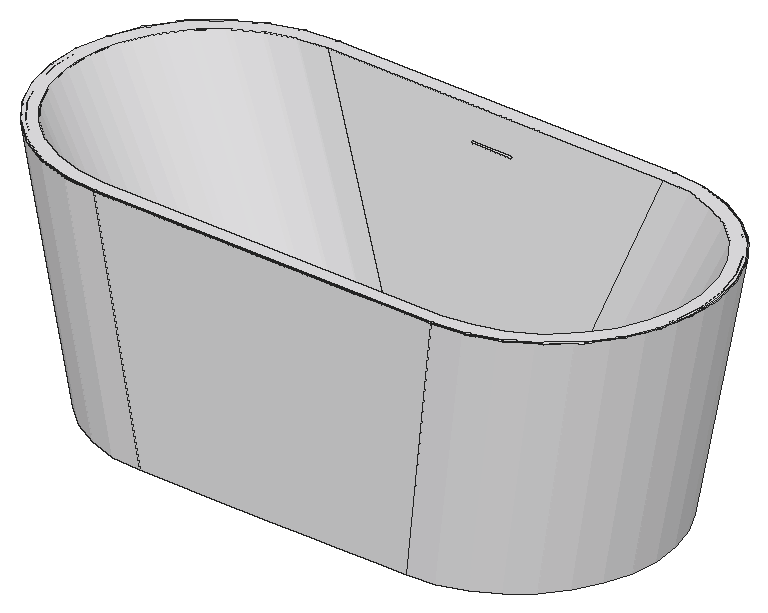
Revit family "Bath-Freestanding-KOHLER-EVOK-K-25166T_1", category Plumbing Fixtures, host Face, Revit 2022
Family settings
  Host = Face
  Round Connector Dimension = Use Diameter
  Part Type = Normal
  OmniClass Number = 23.31.15.00
  OmniClass Title = Bathtubs
  Cut with Voids When Loaded = No
  Maintain Annotation Orientation = No
  Shared = No
  Room Calculation Point = No
Parameters (values of type "White Apron, 0-White")
  Width = 62 15/16"  # constant formula
  WaterSense Certified = 1 = 0  # no
  Waste Water Outlet = "Waste Water Outlet"  # constant formula
  Waste Connection = 1 = 1  # yes
  Vent Connection = 1 = 0  # no
  URL = "http://www.kohler.com.cn/"
  Type = 1
  Secondary Finish = KOHLER-Acrylic-0-White
  Product Page URL = "https://www.kohler.com.cn/product/K-25166T-0/K-25166T-0/"
  Product Name = "EVOK"  # constant formula
  Product Documentation Link = "https://files.kohler.com.cn/pdfs/1586770487974_191025_RI_K-25166T_final.pdf"
  Pressure = 0.00 psi
  Model = if(Type = 1, "K-25166T-0", if(Type = 2, "K-25166T-P5-0", if(Type = 3, "K-25166T-P8-0", "NA")))  # "K-25166T-0"
  Material = "Acrylic"  # constant formula
  Master Format 2014 Name = "Residential Bathtubs"  # constant formula
  Master Format 2014 = "22 41 19"  # constant formula
  Manufacturer Address = "Kohler Beijing Office (100016) 36-2-03-B, No. 88, Liuxiang Road, Beijing"  # constant formula
  Manufacturer = "Kohler Co."  # constant formula
  Length = 29 33/64"  # constant formula
  Hot Water Inlet = "Hot Water Inlet"  # constant formula
  Height = 24 27/128"  # constant formula
  HW Connection = 1 = 0  # no
  Flow Rate = 0 GPM
  Finish = KOHLER-Acrylic-0-White
  Environmental Product Declaration = ""
  Drain Included = 1 = 1  # yes
  Description = if(Type = 1, "Ive 2.0 Oval 1.6m Seamless Freestanding Acrylic Bathtub (with Drain)", if(Type = 2, "Ive 2.0 Oval 1.6m Seamless Freestanding Acrylic Bathtub Black Skirt (with Drain)", if(Type = 3, "Ive 2.0 Oval 1.6m Seamless Freestanding Acrylic Bathtub Peacock Blue Skirt (with Drainage)", "NA")))  # "Ive 2.0 Oval 1.6m Seamless Freestanding Acrylic Bathtub (with Drain)"
  Default Elevation = 0"
  Declare Label = ""
  Date Modified = "04/08/2022"  # constant formula
  Date Created = "02/23/2022"  # constant formula
  Copyright = "Copyright Kohler Co."  # constant formula
  Contact Us = "http://www.kohler.com.cn/contact/contact-us/"
  Cold Water Inlet = "Cold Water Inlet"  # constant formula
  CW Connection = 1 = 0  # no
  Assembly Code = "D2010500"
  ADA Compliant = 1 = 0  # no
Types (4): name | Type | Secondary Finish | Product Page URL | Model | Description
  (no name) | 1 | KOHLER-Acrylic-0-White | "https://www.kohler.com.cn/product/K-25166T-0/K-25166T-0/" | "K-25166T-0" | "Ive 2.0 Oval 1.6m Seamless Freestanding Acrylic Bathtub (with Drain)"
  White Apron, 0-White | 1 | KOHLER-Acrylic-0-White | "https://www.kohler.com.cn/product/K-25166T-0/K-25166T-0/" | "K-25166T-0" | "Ive 2.0 Oval 1.6m Seamless Freestanding Acrylic Bathtub (with Drain)"
  Black Apron, 0-White | 2 | KOHLER-Acrylic-P5-Iron_Black | "https://www.kohler.com.cn/product/K-25166T-P5-0/K-25166T-P5-0/" | "K-25166T-P5-0" | "Ive 2.0 Oval 1.6m Seamless Freestanding Acrylic Bathtub Black Skirt (with Drain)"
  Peacock Apron, 0-White | 3 | KOHLER-Acrylic-P8-Peacock | "https://www.kohler.com.cn/product/K-25166T-P8-0/K-25166T-P8-0/" | "K-25166T-P8-0" | "Ive 2.0 Oval 1.6m Seamless Freestanding Acrylic Bathtub Peacock Blue Skirt (with Drainage)"
Reference planes (in)
  plane 1 "Center (Front/Back)": y = 0
  plane 2: z = 0
  plane 3 "Center (Left/Right)": x = 0
  plane 4: y = 14.75775
  plane 5: z = 24.21094
  plane 6: z = 0.19353
  plane 7: x = -31.4685
  plane 8: x = -26.58268
  plane 9: x = -20.19882
  plane 10: y = 11.10433
  plane 11: x = -30.45226
  plane 12: y = 13.56496
  plane 13: y = 13.742
  plane 14: z = 3.08487
  plane 15: y = -14.75787
  plane 16: y = -11.10433
  plane 17: y = -13.56496
  plane 18: y = -13.74225
  plane 19: x = 31.469
  plane 20: x = 26.58268
  plane 21: x = 20.19882
  plane 22: x = 30.45325
Dimensions and locks (in)
  "Width": plane 7 to plane 19
  "Length": plane 4 to plane 15
  plane 7 to plane 3 "Center (Left/Right)" = 31.4685"
  plane 22 to plane 19 = 1.01575"
  plane 4 to plane 13 = 1.01575"
  plane 15 to plane 1 "Center (Front/Back)" = 14.75787"
  plane 9 to plane 21 = 40.39764"
  plane 11 to plane 22 = 60.90551"
  plane 10 to plane 16 = 22.20866"
  plane 18 to plane 13 = 27.48425"
  "Height": plane 5 to level
  plane 5 to plane 6 = 24.01741"
  plane 8 to plane 20 = 53.16535"
  plane 12 to plane 17 = 27.12992"
  aligned and locked: plane 2 to host face
  aligned and locked: level to host face
  aligned and locked: plane 3 "Center (Left/Right)" to nested 1
  aligned and locked: plane 1 "Center (Front/Back)" to nested 1
Automatic sketch dimensions
  host sketch curve to host sketch curve = 96"  (x2)
Nested families (in)
  nested 1: "K-25166T" at (0, 0, 0), type "K-25166T"
Connectors (in)
  piping at (0, 0, 3.08487), diameter 1.19922, driven by "Waste Connection", driven by "Waste Water Outlet"
    settings: on nested 1, index 1, connector inside diameter 24", connector length 0", flow factor 0, pipe flow 0 GPM, pressure drop 0.00 psi, fitting loss kfactor 0, connector angle 0.00°, fixture units 0, engagement length 0", angle of deflection 0.00°, flow configuration 0, flow direction 2, fitting loss method 0, system type 16, joint type 0, gender type 0, connector reference index -1, connector utility 1, adjustable connector no, is connector primary yes, connector description "Waste Water Outlet"
Definition of nested family "K-25166T"
  Parameters
    Sec Material = none
    Material = none
    Default Elevation = 0"
  Reference planes (in)
    plane 1 "Center (Front/Back)": y = 0
    plane 2: z = 0
    plane 3 "Center (Left/Right)": x = 0
    plane 4: z = 24.2126
    plane 5: z = 0.19685
    plane 6: z = 3.08487
    plane 7: y = 14.75787
    plane 8: y = 13.74213
    plane 9: y = 11.10433
    plane 10: x = -31.4685
    plane 11: x = -30.45276
    plane 12: x = -20.19882
    plane 13: y = -14.75787
    plane 14: y = -13.74213
    plane 15: y = -11.10433
    plane 16: x = 31.4685
    plane 17: x = 30.45276
    plane 18: x = 20.19882
    plane 19: x = -26.58268
    plane 20: x = 26.58268
    plane 21: y = 13.56496
    plane 22: y = -13.56496
  Forms (in)
    Blend 1, solid, material <- "Material", detail levels medium+fine
      base sketch origin (0.12683, 0, 0) x (1, 0, 0) y (0, 1, 0)
        loop
          line (-13.21222, -13.38901) -> (12.94797, -13.38901)
          arc (12.94797, -13.38901) -> (26.3392, 0) -> (12.94797, 13.38901) r 13.38901
          line (12.94797, 13.38901) -> (-13.21222, 13.38901)
          arc (-13.21222, 13.38901) -> (-26.59287, 0) -> (-13.21222, -13.38901) r 13.38901
      top sketch origin (0.12683, 0, 0) x (1, 0, 0) y (0, 1, 0)
        loop
          arc (-16.61204, 14.57) -> (-31.18204, 0) -> (-16.61204, -14.57) r 14.57
          line (-16.61204, -14.57) -> (16.35837, -14.57)
          arc (16.35837, -14.57) -> (30.92838, 0) -> (16.35837, 14.57) r 14.57
          line (16.35837, 14.57) -> (-16.61204, 14.57)
      from 0.19685 to 24.03581
    Sweep 2, solid, material <- "Material", detail levels medium+fine
      path origin (0, 0, 0) x (1, 0, 0) y (0, 1, 0)
        loop
          arc (-16.4852, 14.96063) -> (-31.44583, 0) -> (-16.4852, -14.96063) r 14.96063
          line (-16.4852, -14.96063) -> (16.4852, -14.96063)
          arc (16.4852, -14.96063) -> (31.44583, 0) -> (16.4852, 14.96063) r 14.96063
          line (16.4852, 14.96063) -> (-16.4852, 14.96063)
      profile origin (31.44583, 0, 0) x (1, 0, 0) y (0, 0, 1)
        loop
          line (0, 24.03581) -> (0, 24.07191)
          arc (0, 24.07191) -> (-0.01657, 24.11192) -> (-0.05658, 24.12849) r 0.05658
          line (-0.05658, 24.12849) -> (-0.11659, 24.12849) -> (-0.11659, 24.03581) -> (0, 24.03581)
    Blend 3, void
      base sketch origin (0, 0, 0) x (1, 0, 0) y (0, 1, 0)
        loop
          arc (-8.90051, 11.28543) -> (-20.18594, 0) -> (-8.90051, -11.28543) r 11.28543
          line (-8.90051, -11.28543) -> (8.90051, -11.28543)
          arc (8.90051, -11.28543) -> (20.18594, 0) -> (8.90051, 11.28543) r 11.28543
          line (8.90051, 11.28543) -> (-8.90051, 11.28543)
      top sketch origin (0, 0, 0) x (1, 0, 0) y (0, 1, 0)
        loop
          arc (-16.7668, 13.6811) -> (-30.4479, 0) -> (-16.7668, -13.6811) r 13.6811
          line (-16.7668, -13.6811) -> (16.7668, -13.6811)
          arc (16.7668, -13.6811) -> (30.4479, 0) -> (16.7668, 13.6811) r 13.6811
          line (16.7668, 13.6811) -> (-16.7668, 13.6811)
      from 4.8406 to 24.99303
    Extrusion 4, solid, material <- "Material", detail levels medium+fine
      sketch origin (0, 0, 0) x (1, 0, 0) y (0, 1, 0)
        loop
          line (-16.4852, -14.84404) -> (16.4852, -14.84404)
          arc (16.4852, -14.84404) -> (31.32924, 0) -> (16.4852, 14.84404) r 14.84404
          line (16.4852, 14.84404) -> (-16.4852, 14.84404)
          arc (-16.4852, 14.84404) -> (-31.32924, 0) -> (-16.4852, -14.84404) r 14.84404
        loop
          arc (-16.39316, 13.56731) -> (-29.96047, 0) -> (-16.39316, -13.56731) r 13.56731
          line (-16.39316, -13.56731) -> (-8.90051, -11.28543)
          arc (-8.90051, -11.28543) -> (-20.18594, 0) -> (-8.90051, 11.28543) r 11.28543
          line (-8.90051, 11.28543) -> (-16.39316, 13.56731)
      from 24.03581 to 24.12849
    Revolve 5, solid, detail levels medium+fine
      sketch origin (0, 0, 0) x (1, 0, 0) y (0, 0, 1)
        loop
          arc (0, 5.72692) -> (-0.71313, 5.64992) -> (-1.39339, 5.42247) r 3.34085
          arc (-1.39339, 5.42247) -> (-1.41057, 5.40754) -> (-1.41698, 5.38569) r 0.04047
          line (-1.41698, 5.38569) -> (-1.41698, 5.02102) -> (-0.23587, 5.02102) -> (-0.23587, 4.43099) -> (-0.82118, 4.43099) -> (-0.85178, 4.57498)
          arc (-0.85178, 4.57498) -> (-0.8622, 4.59377) -> (-0.88133, 4.60352) r 0.03673
          line (-0.88133, 4.60352) -> (-1.34773, 4.68575)
          arc (-1.34773, 4.68575) -> (-1.38122, 4.6623) -> (-1.35777, 4.62881) r 0.02891
          line (-1.35777, 4.62881) -> (-0.9943, 4.56473)
          arc (-0.9943, 4.56473) -> (-0.94891, 4.53852) -> (-0.93098, 4.48927) r 0.07662
          line (-0.93098, 4.48927) -> (-0.93098, 4.31643) -> (0, 4.31643) -> (0, 5.72692)
        axis (0, 4.31643) -> (0, 5.72692)
      angle from 0 to 360
    Revolve 6, void
      sketch origin (0, 0, 0) x (1, 0, 0) y (0, 0, 1)
        loop
          line (-1.70584, 4.73897) -> (-1.34095, 4.37408)
          arc (-1.34095, 4.37408) -> (-1.27709, 4.33141) -> (-1.20176, 4.31643) r 0.19685
          line (-1.20176, 4.31643) -> (-0.76137, 4.31643) -> (-0.76137, 3.52165) -> (0, 3.52165) -> (0, 5.30055) -> (-2.40862, 5.30055) -> (-2.40862, 4.8406) -> (-1.95119, 4.8406)
          arc (-1.95119, 4.8406) -> (-1.81841, 4.81419) -> (-1.70584, 4.73897) r 0.34697
        axis (0, 3.52165) -> (0, 5.30055)
      angle from 0 to 360
    Extrusion 7, void
      sketch origin (0, 0, 0) x (1, 0, 0) y (0, 1, 0)
        loop
          arc (-13.01649, 12.38448) -> (-25.40096, 0.00001) -> (-13.01649, -12.38446) r 12.38447
          line (-13.01649, -12.38446) -> (13.01649, -12.38446)
          arc (13.01649, -12.38446) -> (25.40096, 0.00001) -> (13.01649, 12.38448) r 12.38447
          line (13.01649, 12.38448) -> (-13.01649, 12.38448)
      from 0 to 4.53076
    Extrusion 8, void
      sketch origin (0, 0, 0.07382) x (1, 0, 0) y (0, 0, 1)
        loop
          line (1.84972, 21.16313) -> (-1.84972, 21.16313)
          arc (-1.84972, 21.16313) -> (-1.96783, 21.04502) -> (-1.84972, 20.92691) r 0.11811
          line (-1.84972, 20.92691) -> (1.84972, 20.92691)
          arc (1.84972, 20.92691) -> (1.96783, 21.04502) -> (1.84972, 21.16313) r 0.11811
      from -14.11698 to -12.23451
    Revolve 9, solid, material <- "Material", detail levels medium+fine
      sketch origin (0, 0, 0) x (1, 0, 0) y (0, 0, 1)
        loop
          line (-0.93171, 4.31643) -> (-0.93171, 3.11451)
          arc (-0.93171, 3.11451) -> (-0.92303, 3.09355) -> (-0.90207, 3.08487) r 0.02964
          line (-0.90207, 3.08487) -> (-0.81114, 3.08487) -> (-0.81114, 4.31643) -> (-0.93171, 4.31643)
        axis (0, 3.08487) -> (0, 4.31643)
      angle from 0 to 360
    Blend 10, solid, material <- "Material", detail levels coarse
      base sketch origin (0, 0, 0) x (1, 0, 0) y (0, 1, 0)
        loop
          line (-13.08538, -13.38901) -> (13.07481, -13.38901)
          arc (13.07481, -13.38901) -> (26.46603, 0) -> (13.07481, 13.38901) r 13.38901
          line (13.07481, 13.38901) -> (-13.08538, 13.38901)
          arc (-13.08538, 13.38901) -> (-26.46603, 0) -> (-13.08538, -13.38901) r 13.38901
      top sketch origin (0, 0, 0) x (1, 0, 0) y (0, 1, 0)
        loop
          line (-16.4852, -14.76532) -> (16.4852, -14.76532)
          arc (16.4852, -14.76532) -> (31.25052, 0) -> (16.4852, 14.76532) r 14.76532
          line (16.4852, 14.76532) -> (-16.4852, 14.76532)
          arc (-16.4852, 14.76532) -> (-31.25052, 0) -> (-16.4852, -14.76532) r 14.76532
      from 0 to 24.2126
    Blend 11, void
      base sketch origin (0, 0, 0) x (1, 0, 0) y (0, 1, 0)
        loop
          arc (-8.90051, 11.28543) -> (-20.18594, 0) -> (-8.90051, -11.28543) r 11.28543
          line (-8.90051, -11.28543) -> (8.90051, -11.28543)
          arc (8.90051, -11.28543) -> (20.18594, 0) -> (8.90051, 11.28543) r 11.28543
          line (8.90051, 11.28543) -> (-8.90051, 11.28543)
      top sketch origin (0, 0, 0) x (1, 0, 0) y (0, 1, 0)
        loop
          arc (-16.42934, 13.57833) -> (-30.00767, 0) -> (-16.42934, -13.57833) r 13.57833
          line (-16.42934, -13.57833) -> (16.42934, -13.57833)
          arc (16.42934, -13.57833) -> (30.00767, 0) -> (16.42934, 13.57833) r 13.57833
          line (16.42934, 13.57833) -> (-16.42934, 13.57833)
      from 4.8406 to 25.27574
    Extrusion 12, solid, material <- "Material", detail levels medium+fine
      sketch origin (0, 0, 0) x (1, 0, 0) y (0, 1, 0)
        loop
          line (9.05221, 8.85828) -> (-9.05221, 8.85828)
          arc (-9.05221, 8.85828) -> (-17.91048, 0.00001) -> (-9.05221, -8.85826) r 8.85827
          line (-9.05221, -8.85826) -> (9.05221, -8.85826)
          arc (9.05221, -8.85826) -> (17.91048, 0.00001) -> (9.05221, 8.85828) r 8.85827
      from 4.26801 to 4.53076
    Extrusion 13, solid, material <- "Material", detail levels medium+fine
      sketch origin (0, 0, 0) x (1, 0, 0) y (0, 1, 0)
        loop
          line (10.33465, 9.84253) -> (9.35039, 9.84253) -> (9.35039, -9.84251) -> (10.33465, -9.84251) -> (10.33465, 9.84253)
        loop
          line (-9.35039, 9.84253) -> (-10.33465, 9.84253) -> (-10.33465, -9.84251) -> (-9.35039, -9.84251) -> (-9.35039, 9.84253)
      from 2.26549 to 4.23399
    Extrusion 14, solid, material <- "Material", detail levels medium+fine
      sketch origin (0, 0, 0) x (1, 0, 0) y (0, 1, 0)
        loop
          line (-9.64567, -9.65904) -> (-9.47883, -9.37008) -> (-9.64567, -9.08111) -> (-10.03937, -9.08111) -> (-10.2062, -9.37008) -> (-10.03937, -9.65904) -> (-9.64567, -9.65904)
        loop
          line (9.64567, -9.65904) -> (10.03937, -9.65904) -> (10.2062, -9.37008) -> (10.03937, -9.08111) -> (9.64567, -9.08111) -> (9.47883, -9.37008) -> (9.64567, -9.65904)
        loop
          line (-9.64567, 9.65904) -> (-10.03937, 9.65904) -> (-10.2062, 9.37008) -> (-10.03937, 9.08111) -> (-9.64567, 9.08111) -> (-9.47883, 9.37008) -> (-9.64567, 9.65904)
        loop
          line (9.64567, 9.65904) -> (9.47883, 9.37008) -> (9.64567, 9.08111) -> (10.03937, 9.08111) -> (10.2062, 9.37008) -> (10.03937, 9.65904) -> (9.64567, 9.65904)
      from 1.98455 to 2.26549
    Revolve 15, solid, material <- "Material", detail levels medium+fine
      sketch origin (-19.68504, -9.37007, 0) x (1, 0, 0) y (0, 0, -1)
        loop
          line (10.39325, 0) -> (10.39325, -0.31496) -> (10.21654, -0.31496) -> (10.21654, -0.05906) -> (9.84252, -0.05906) -> (9.84252, -2.5376) -> (10.03942, -2.5376) -> (10.03942, -0.98819) -> (10.22638, -0.98819) -> (10.22638, -0.68898) -> (10.03942, -0.68898) -> (10.03942, -0.62992) -> (10.70905, -0.62992)
          arc (10.70905, -0.62992) -> (10.79229, -0.59544) -> (10.82677, -0.5122) r 0.11772
          line (10.82677, -0.5122) -> (10.82677, 0) -> (10.39325, 0)
        axis (9.84252, -2.5376) -> (9.84252, 0)
      angle from 0 to 360
    Revolve 16, solid, material <- "Material", detail levels medium+fine
      sketch origin (19.68504, -9.37007, 0) x (-1, 0, 0) y (0, 0, 1)
        loop
          line (10.39325, 0) -> (10.82677, 0) -> (10.82677, 0.5122)
          arc (10.82677, 0.5122) -> (10.79229, 0.59544) -> (10.70905, 0.62992) r 0.11772
          line (10.70905, 0.62992) -> (10.03942, 0.62992) -> (10.03942, 0.68898) -> (10.22638, 0.68898) -> (10.22638, 0.98819) -> (10.03942, 0.98819) -> (10.03942, 2.5376) -> (9.84252, 2.5376) -> (9.84252, 0.05906) -> (10.21654, 0.05906) -> (10.21654, 0.31496) -> (10.39325, 0.31496) -> (10.39325, 0)
        axis (9.84252, 2.5376) -> (9.84252, 0)
      angle from 0 to 360
    Revolve 17, solid, material <- "Material", detail levels medium+fine
      sketch origin (19.68504, 9.37007, 0) x (-1, 0, 0) y (0, 0, -1)
        loop
          line (10.39325, 0) -> (10.39325, -0.31496) -> (10.21654, -0.31496) -> (10.21654, -0.05906) -> (9.84252, -0.05906) -> (9.84252, -2.5376) -> (10.03942, -2.5376) -> (10.03942, -0.98819) -> (10.22638, -0.98819) -> (10.22638, -0.68898) -> (10.03942, -0.68898) -> (10.03942, -0.62992) -> (10.70905, -0.62992)
          arc (10.70905, -0.62992) -> (10.79229, -0.59544) -> (10.82677, -0.5122) r 0.11772
          line (10.82677, -0.5122) -> (10.82677, 0) -> (10.39325, 0)
        axis (9.84252, -2.5376) -> (9.84252, 0)
      angle from 0 to 360
    Revolve 18, solid, material <- "Material", detail levels medium+fine
      sketch origin (-19.68504, 9.37007, 0) x (1, 0, 0) y (0, 0, 1)
        loop
          line (10.39325, 0) -> (10.82677, 0) -> (10.82677, 0.5122)
          arc (10.82677, 0.5122) -> (10.79229, 0.59544) -> (10.70905, 0.62992) r 0.11772
          line (10.70905, 0.62992) -> (10.03942, 0.62992) -> (10.03942, 0.68898) -> (10.22638, 0.68898) -> (10.22638, 0.98819) -> (10.03942, 0.98819) -> (10.03942, 2.5376) -> (9.84252, 2.5376) -> (9.84252, 0.05906) -> (10.21654, 0.05906) -> (10.21654, 0.31496) -> (10.39325, 0.31496) -> (10.39325, 0)
        axis (9.84252, 2.5376) -> (9.84252, 0)
      angle from 0 to 360
    Blend 19, solid, material <- "Sec Material", detail levels medium+fine
      base sketch origin (0.12683, 0, 0) x (1, 0, 0) y (0, 1, 0)
        loop
          line (-13.21228, -13.58432) -> (12.94796, -13.58432)
          arc (12.94796, -13.58432) -> (26.53451, 0) -> (12.94796, 13.58432) r 13.58433
          line (12.94796, 13.58432) -> (-13.21228, 13.58432)
          arc (-13.21228, 13.58432) -> (-26.78818, 0) -> (-13.21228, -13.58432) r 13.58433
      top sketch origin (0.12683, 0, 0) x (1, 0, 0) y (0, 1, 0)
        loop
          arc (-16.61204, 14.96063) -> (-31.57267, 0) -> (-16.61204, -14.96063) r 14.96063
          line (-16.61204, -14.96063) -> (16.35837, -14.96063)
          arc (16.35837, -14.96063) -> (31.319, 0) -> (16.35837, 14.96063) r 14.96063
          line (16.35837, 14.96063) -> (-16.61204, 14.96063)
      from 0.19685 to 24.03581
    Blend 20, void
      base sketch origin (0.12683, 0, 0) x (1, 0, 0) y (0, 1, 0)
        loop
          line (-13.21222, -13.38901) -> (12.94797, -13.38901)
          arc (12.94797, -13.38901) -> (26.3392, 0) -> (12.94797, 13.38901) r 13.38901
          line (12.94797, 13.38901) -> (-13.21222, 13.38901)
          arc (-13.21222, 13.38901) -> (-26.59287, 0) -> (-13.21222, -13.38901) r 13.38901
      top sketch origin (0.12683, 0, 0) x (1, 0, 0) y (0, 1, 0)
        loop
          arc (-16.61204, 14.57) -> (-31.18204, 0) -> (-16.61204, -14.57) r 14.57
          line (-16.61204, -14.57) -> (16.35837, -14.57)
          arc (16.35837, -14.57) -> (30.92838, 0) -> (16.35837, 14.57) r 14.57
          line (16.35837, 14.57) -> (-16.61204, 14.57)
      from 0.19685 to 24.03581
    Blend 21, solid, material <- "Sec Material", detail levels coarse
      base sketch origin (0, 0, 0) x (1, 0, 0) y (0, 1, 0)
        loop
          line (-13.08545, -13.58432) -> (13.07479, -13.58432)
          arc (13.07479, -13.58432) -> (26.66135, 0) -> (13.07479, 13.58432) r 13.58433
          line (13.07479, 13.58432) -> (-13.08545, 13.58432)
          arc (-13.08545, 13.58432) -> (-26.66135, 0) -> (-13.08545, -13.58432) r 13.58433
      top sketch origin (0, 0, 0) x (1, 0, 0) y (0, 1, 0)
        loop
          line (-16.4852, -14.96063) -> (16.4852, -14.96063)
          arc (16.4852, -14.96063) -> (31.44583, 0) -> (16.4852, 14.96063) r 14.96063
          line (16.4852, 14.96063) -> (-16.4852, 14.96063)
          arc (-16.4852, 14.96063) -> (-31.44583, 0) -> (-16.4852, -14.96063) r 14.96063
      from 0 to 24.2126
    Blend 22, void
      base sketch origin (0, 0, 0) x (1, 0, 0) y (0, 1, 0)
        loop
          line (-13.08538, -13.38901) -> (13.07481, -13.38901)
          arc (13.07481, -13.38901) -> (26.46603, 0) -> (13.07481, 13.38901) r 13.38901
          line (13.07481, 13.38901) -> (-13.08538, 13.38901)
          arc (-13.08538, 13.38901) -> (-26.46603, 0) -> (-13.08538, -13.38901) r 13.38901
      top sketch origin (0, 0, 0) x (1, 0, 0) y (0, 1, 0)
        loop
          line (-16.4852, -14.76532) -> (16.4852, -14.76532)
          arc (16.4852, -14.76532) -> (31.25052, 0) -> (16.4852, 14.76532) r 14.76532
          line (16.4852, 14.76532) -> (-16.4852, 14.76532)
          arc (-16.4852, 14.76532) -> (-31.25052, 0) -> (-16.4852, -14.76532) r 14.76532
      from 0 to 24.2126
  Cuts and joins
    Blend 3, Revolve 6, Extrusion 7, Extrusion 8 cuts Blend 1
    Blend 3, Revolve 6 cuts Sweep 2
    Blend 3, Revolve 6 cuts Extrusion 4
    Revolve 6 cuts Extrusion 12
    joined: Blend 1, Sweep 2, Extrusion 4, Revolve 9, Extrusion 12, Extrusion 13, Extrusion 14, Revolve 15, Revolve 16, Revolve 17, Revolve 18
    Blend 11 cuts Blend 10
    Blend 20 cuts Blend 19
    Blend 22 cuts Blend 21
  Lines and regions (in)
    Masking region 1
      outline origin (0, 0, 0) x (1, 0, 0) y (0, 1, 0)
        loop
          arc (-16.71137, 14.75787) -> (-31.46925, 0) -> (-16.71137, -14.75787) r 14.75787
          line (-16.71137, -14.75787) -> (16.71137, -14.75787)
          arc (16.71137, -14.75787) -> (31.46925, 0) -> (16.71137, 14.75787) r 14.75787
          line (16.71137, 14.75787) -> (-16.71137, 14.75787)
    Masking region 2
      outline origin (0, 0, 0) x (1, 0, 0) y (0, 0, 1)
        loop
          arc (-31.26415, 24.2126) -> (-31.42252, 24.13739) -> (-31.46432, 23.96712) r 0.20435
          line (-31.46432, 23.96712) -> (-26.64814, 0.52251)
          arc (-26.64814, 0.52251) -> (-26.50644, 0.28859) -> (-26.24878, 0.19685) r 0.4077
          line (-26.24878, 0.19685) -> (-10.82677, 0.19685) -> (-10.82677, 0) -> (-8.85827, 0) -> (-8.85827, 0.19685) -> (8.85827, 0.19685) -> (8.85827, 0) -> (10.82677, 0) -> (10.82677, 0.19685) -> (26.24878, 0.19685)
          arc (26.24878, 0.19685) -> (26.50644, 0.28859) -> (26.64814, 0.52251) r 0.4077
          line (26.64814, 0.52251) -> (31.46432, 23.96712)
          arc (31.46432, 23.96712) -> (31.42252, 24.13739) -> (31.26415, 24.2126) r 0.20435
          line (31.26415, 24.2126) -> (-31.26415, 24.2126)
    Masking region 3
      outline origin (0, 0, 0) x (0, 1, 0) y (0, 0, 1)
        loop
          line (14.58322, 24.2126) -> (-14.58322, 24.2126)
          arc (-14.58322, 24.2126) -> (-14.70955, 24.15841) -> (-14.75734, 24.02952) r 0.17434
          line (-14.75734, 24.02952) -> (-13.5805, 0.57083)
          arc (-13.5805, 0.57083) -> (-13.45862, 0.30527) -> (-13.18729, 0.19685) r 0.3937
          line (-13.18729, 0.19685) -> (-10.35434, 0.19685) -> (-10.35434, 0) -> (-9.65257, 0) -> (-8.38584, 0) -> (-8.38584, 0.19685) -> (8.38584, 0.19685) -> (8.38584, 0) -> (9.65257, 0) -> (10.35434, 0) -> (10.35434, 0.19685) -> (13.18729, 0.19685)
          arc (13.18729, 0.19685) -> (13.45862, 0.30527) -> (13.5805, 0.57083) r 0.3937
          line (13.5805, 0.57083) -> (14.75734, 24.02952)
          arc (14.75734, 24.02952) -> (14.70955, 24.15841) -> (14.58322, 24.2126) r 0.17434
    symbolic lines
      curve 1: line (-9.09071, 11.10827, 0) -> (9.09071, 11.10827, 0)
      curve 2: line (-16.7097, 13.74213, 0) -> (16.7097, 13.74213, 0)
      curve 7: circle (0, 0, 0) r 1.87056 normal (0, 0, 1)
      curve 15: line (-16.7097, -13.74213, 0) -> (16.7097, -13.74213, 0)
      curve 16: arc (-16.7097, -13.74213, 0) -> (-30.45183, 0, 0) -> (-16.7097, 13.74213, 0) r 13.74213
      curve 17: line (-9.09071, -11.10827, 0) -> (9.09071, -11.10827, 0)
      curve 20: arc (-9.09071, -11.10827, 0) -> (-20.19898, 0, 0) -> (-9.09071, 11.10827, 0) r 11.10827
      curve 21: arc (16.7097, -13.74213, 0) -> (30.45183, 0, 0) -> (16.7097, 13.74213, 0) r 13.74213
      curve 23: arc (9.09071, -11.10827, 0) -> (20.19898, 0, 0) -> (9.09071, 11.10827, 0) r 11.10827
    symbolic lines, detail levels medium+fine
      curve 3: line (-9.22071, 9.19094, 0) -> (9.22071, 9.19094, 0)
      curve 4: line (-1.97459, 13.20701, 0) -> (1.97459, 13.20701, 0)
      curve 5: line (-1.97459, 13.14577, 0) -> (1.97459, 13.14577, 0)
      curve 6: arc (-1.97459, 13.14577, 0) -> (-2.00521, 13.17639, 0) -> (-1.97459, 13.20701, 0) r 0.03062
      curve 8: circle (0, 0, 0) r 1.55743 normal (0, 0, 1)
      curve 9: circle (0, 0, 0) r 1.29966 normal (0, 0, 1)
      curve 10: arc (1.97459, 13.14577, 0) -> (2.00521, 13.17639, 0) -> (1.97459, 13.20701, 0) r 0.03062
      curve 11: line (-10.82677, 0, 0.19685) -> (-8.85827, 0, 0.19685)
      curve 12: line (8.85827, 0, 0.19685) -> (10.82677, 0, 0.19685)
      curve 13: line (0, 10.35434, 0.19685) -> (0, 8.38584, 0.19685)
      curve 14: line (0, -8.38584, 0.19685) -> (0, -10.35434, 0.19685)
      curve 18: line (-9.22071, -9.19094, 0) -> (9.22071, -9.19094, 0)
      curve 19: arc (-9.22071, -9.19094, 0) -> (-18.41166, 0, 0) -> (-9.22071, 9.19094, 0) r 9.19094
      curve 22: arc (9.22071, -9.19094, 0) -> (18.41166, 0, 0) -> (9.22071, 9.19094, 0) r 9.19094
  Dimensions and locks (in)
    plane 4 to plane 5 = 24.01575"
    plane 1 "Center (Front/Back)" to plane 7 = 14.75787"
    plane 7 to plane 8 = 1.01575"
    plane 9 to plane 1 "Center (Front/Back)" = 11.10433"
    plane 10 to plane 3 "Center (Left/Right)" = 31.4685"
    plane 10 to plane 11 = 1.01575"
    plane 12 to plane 3 "Center (Left/Right)" = 20.19882"
    plane 3 "Center (Left/Right)" to plane 19 = 26.58268"
    plane 21 to plane 1 "Center (Front/Back)" = 13.56496"
    aligned and locked: plane 2 to level
